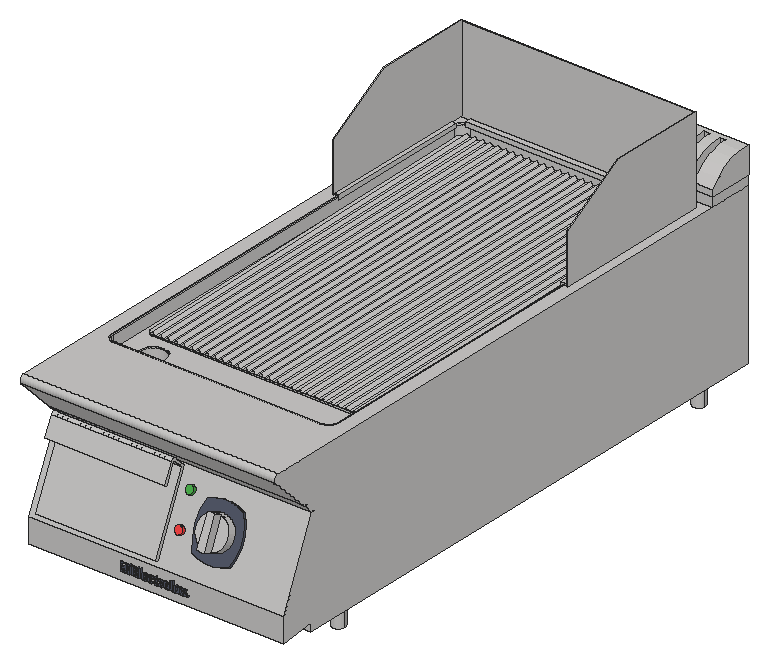
Revit family "QF_ELECTROLUXPROFESSIONAL_391395_E9IILIAOMCA", category Specialty Equipment, Revit 2018 (continued)
Automatic sketch dimensions
  Extrusion 22 sketch curve to Extrusion 22 sketch curve = 0.332 mm
  Extrusion 22 sketch curve to Extrusion 22 sketch curve = 1.087 mm
  Extrusion 22 sketch curve to Extrusion 22 sketch curve = 2.23 mm
  Extrusion 22 sketch curve to Extrusion 22 sketch curve = 2.757 mm
  Extrusion 22 sketch curve to Extrusion 22 sketch curve = 0.987 mm
  Extrusion 22 sketch curve to Extrusion 22 sketch curve = 1.529 mm
  Extrusion 22 sketch curve to Extrusion 22 sketch curve = 1.796 mm
  Extrusion 22 sketch curve to Extrusion 22 sketch curve = 2.859 mm
  Extrusion 22 sketch curve to Extrusion 22 sketch curve = 0.853 mm
  Extrusion 22 sketch curve to Extrusion 22 sketch curve = 1.241 mm
  Extrusion 22 sketch curve to Extrusion 22 sketch curve = 2.046 mm  (x2)
  Extrusion 22 sketch curve to Extrusion 22 sketch curve = 2.422 mm
  Extrusion 22 sketch curve to Extrusion 22 sketch curve = 0.27 mm  (x2)
  Extrusion 22 sketch curve to Extrusion 22 sketch curve = 0.69 mm
  Extrusion 22 sketch curve to Extrusion 22 sketch curve = 0.781 mm  (x2)
  Extrusion 22 sketch curve to Extrusion 22 sketch curve = 3.136 mm
  Extrusion 22 sketch curve to Extrusion 22 sketch curve = 1.767 mm
  Extrusion 22 sketch curve to Extrusion 22 sketch curve = 0.138 mm
  Extrusion 22 sketch curve to Extrusion 22 sketch curve = 0.777 mm
  Extrusion 22 sketch curve to Extrusion 22 sketch curve = 1.19 mm
  Extrusion 22 sketch curve to Extrusion 22 sketch curve = 0.782 mm
  Extrusion 22 sketch curve to Extrusion 22 sketch curve = 1.268 mm
  Extrusion 22 sketch curve to Extrusion 22 sketch curve = 0.422 mm  (x2)
  Extrusion 22 sketch curve to Extrusion 22 sketch curve = 1.559 mm
  Extrusion 22 sketch curve to Extrusion 22 sketch curve = 3.927 mm
  Extrusion 22 sketch curve to Extrusion 22 sketch curve = 0.983 mm
  Extrusion 22 sketch curve to Extrusion 22 sketch curve = 1.134 mm
  plane 7 "Center Y" to Extrusion 22 sketch curve = 1.016 mm
  Extrusion 22 sketch curve to Extrusion 22 sketch curve = 1.501 mm
  Extrusion 22 sketch curve to Extrusion 22 sketch curve = 1.808 mm
  Extrusion 22 sketch curve to Extrusion 22 sketch curve = 0.643 mm
  Extrusion 22 sketch curve to Extrusion 22 sketch curve = 0.916 mm
  Extrusion 22 sketch curve to Extrusion 22 sketch curve = 0.352 mm
  Extrusion 22 sketch curve to Extrusion 22 sketch curve = 0.458 mm
  Extrusion 22 sketch curve to Extrusion 22 sketch curve = 1.282 mm
  Extrusion 22 sketch curve to Extrusion 22 sketch curve = 1.363 mm
  Extrusion 22 sketch curve to Extrusion 22 sketch curve = 0.685 mm
  Extrusion 22 sketch curve to Extrusion 22 sketch curve = 0.905 mm
  Extrusion 22 sketch curve to Extrusion 22 sketch curve = 2.865 mm
  Extrusion 22 sketch curve to Extrusion 22 sketch curve = 0.472 mm
  Extrusion 22 sketch curve to Extrusion 22 sketch curve = 0.101 mm
  Extrusion 22 sketch curve to Extrusion 22 sketch curve = 0.54 mm
  Extrusion 22 sketch curve to Extrusion 22 sketch curve = 0.02 mm
  Extrusion 22 sketch curve to Extrusion 22 sketch curve = 0.468 mm
  Extrusion 22 sketch curve to Extrusion 22 sketch curve = 0.829 mm
  Extrusion 22 sketch curve to Extrusion 22 sketch curve = 0.582 mm
  Extrusion 22 sketch curve to Extrusion 22 sketch curve = 0.166 mm
  Extrusion 22 sketch curve to Extrusion 22 sketch curve = 0.16 mm
  Extrusion 22 sketch curve to Extrusion 22 sketch curve = 2.781 mm
  Extrusion 22 sketch curve to Extrusion 22 sketch curve = 1.118 mm
  Extrusion 22 sketch curve to Extrusion 22 sketch curve = 0.613 mm
  Extrusion 22 sketch curve to Extrusion 22 sketch curve = 0.361 mm
  Extrusion 22 sketch curve to Extrusion 22 sketch curve = 0.897 mm
  Extrusion 22 sketch curve to Extrusion 22 sketch curve = 0.167 mm
  Extrusion 22 sketch curve to Extrusion 22 sketch curve = 0.292 mm
  Extrusion 22 sketch curve to Extrusion 22 sketch curve = 0.305 mm
  Extrusion 22 sketch curve to Extrusion 22 sketch curve = 1.557 mm
  Extrusion 22 sketch curve to Extrusion 22 sketch curve = 2.499 mm
  Extrusion 22 sketch curve to Extrusion 22 sketch curve = 3.062 mm
  Extrusion 22 sketch curve to Extrusion 22 sketch curve = 2.968 mm
  Extrusion 22 sketch curve to Extrusion 22 sketch curve = 5.044 mm
  Extrusion 22 sketch curve to Extrusion 22 sketch curve = 0.629 mm  (x2)
  Extrusion 22 sketch curve to Extrusion 22 sketch curve = 1.131 mm
  Extrusion 22 sketch curve to Extrusion 22 sketch curve = 0.137 mm
  Extrusion 22 sketch curve to Extrusion 22 sketch curve = 0.027 mm
  Extrusion 22 sketch curve to Extrusion 22 sketch curve = 2.235 mm
  plane 7 "Center Y" to Extrusion 23 sketch curve = 20.046 mm
  plane 7 "Center Y" to Extrusion 24 sketch curve = 20.046 mm
  Sweep 25 sketch curve to profile plane = 0 mm  (x27)
  profile plane to Sweep 25 sketch curve = 3.736 mm  (x27)
  profile plane to Sweep 25 sketch curve = 435.969 mm
  Sweep 25 sketch curve to Sweep 25 sketch curve = 3.877 mm  (x54)
  Sweep 25 sketch curve to Sweep 25 sketch curve = 4.381 mm  (x26)
  Sweep 25 sketch curve to plane 15 = 0.05 mm
  Sweep 25 sketch curve to plane 6 "TOP" = 9.783 mm
  Sweep 25 sketch curve to plane 6 "TOP" = 18 mm
  plane 1 "BACK" to Sweep 25 sketch curve = 105.406 mm
  Extrusion 26 sketch curve to plane 15 = 0 mm
  Extrusion 26 sketch curve to plane 6 "TOP" = 20 mm
  plane 1 "BACK" to Extrusion 26 sketch curve = 105.406 mm
  Extrusion 26 sketch curve to Extrusion 26 sketch curve = 1.999 mm
  Extrusion 26 sketch curve to plane 6 "TOP" = 9.783 mm
  plane 15 to Extrusion 27 sketch curve = 0 mm  (x4)
  Extrusion 27 sketch curve to plane 15 = 10 mm  (x2)
  plane 13 to Extrusion 27 sketch curve = 21.03 mm  (x2)
  Extrusion 27 sketch curve to Extrusion 27 sketch curve = 0 mm  (x12)
  Extrusion 27 sketch curve to Extrusion 27 sketch curve = 10 mm  (x4)
  plane 14 to Extrusion 27 sketch curve = 31.03 mm  (x2)
  plane 1 "BACK" to Extrusion 27 sketch curve = 115.406 mm  (x2)
  Extrusion 5 sketch curve to Extrusion 1 = 0 mm  (x3)
  Extrusion 1 to Extrusion 5 sketch curve = 69.85 mm
  Extrusion 1 to Extrusion 6 sketch curve = 17.03 mm  (x2)
  Extrusion 1 to Extrusion 6 sketch curve = 83.39 mm
  Extrusion 6 sketch curve to Extrusion 6 sketch curve = 1.588 mm
  Extrusion 1 to Extrusion 7 sketch curve = 37.03 mm
  Extrusion 1 to Extrusion 7 sketch curve = 92.539 mm
  Extrusion 7 sketch curve to Extrusion 7 sketch curve = 15 mm  (x3)
  Extrusion 1 to Extrusion 7 sketch curve = 145.147 mm  (x2)
  Extrusion 1 to Extrusion 7 sketch curve = 22.03 mm
  Extrusion 11 sketch curve to Extrusion 1 = 274.774 mm
  plane 5 "FRONT" to Extrusion 12 sketch curve = 0 mm  (x2)
  Extrusion 12 sketch curve to plane 3 "LEFT" = 0 mm
  Extrusion 12 sketch curve to plane 4 "RIGHT" = 0 mm
  plane 1 "BACK" to Extrusion 12 sketch curve = 0 mm
  Extrusion 12 sketch curve to plane 3 "LEFT" = 100 mm
  Extrusion 12 sketch curve to plane 4 "RIGHT" = 100 mm
  Extrusion 12 sketch curve to plane 1 "BACK" = 100 mm
  curve 9 to plane 3 "LEFT" = 0 mm
  curve 4 to plane 13 = 0 mm
  plane 15 to curve 17 = 0 mm
  plane 15 to curve 96 = 0 mm
  curve 109 to plane 7 "Center Y" = 0 mm
  curve 125 to plane 7 "Center Y" = 0 mm
  plane 15 to curve 122 = 0 mm
  plane 1 "BACK" to curve 8 = 0 mm
  curve 8 to plane 4 "RIGHT" = 0 mm
  curve 124 to plane 9 = 0 mm
  plane 5 "FRONT" to curve 124 = 0 mm
  plane 5 "FRONT" to curve 3 = 0 mm
  plane 5 "FRONT" to curve 1 = 0 mm
  plane 13 to curve 26 = 4.442 mm
  plane 13 to curve 12 = 11.03 mm
  curve 36 to curve 13 = 6.721 mm
  curve 12 to curve 32 = 3.484 mm
  plane 13 to curve 39 = 18.703 mm
  plane 13 to curve 18 = 21.03 mm
  curve 32 to curve 29 = 6.516 mm
  curve 20 to curve 13 = 5 mm
  curve 11 to curve 11 = 15 mm
  curve 39 to curve 37 = 9.296 mm
  curve 13 to curve 21 = 5 mm
  curve 18 to curve 17 = 10 mm
  curve 21 to curve 96 = 0.222 mm
  curve 11 to curve 94 = 14.849 mm
  curve 96 to curve 97 = 12.135 mm
  plane 1 "BACK" to curve 42 = 6.761 mm
  curve 37 to curve 42 = 16.193 mm
  curve 41 to curve 42 = 9.296 mm
  curve 97 to curve 98 = 12.135 mm
  curve 94 to curve 94 = 20 mm
  curve 98 to curve 99 = 12.135 mm
  plane 1 "BACK" to curve 48 = 6.761 mm
  curve 42 to curve 48 = 16.193 mm
  curve 47 to curve 48 = 9.296 mm
  curve 99 to curve 100 = 12.135 mm
  curve 100 to curve 101 = 12.135 mm
  plane 1 "BACK" to curve 52 = 6.761 mm
  curve 45 to curve 52 = 16.193 mm
  curve 101 to curve 102 = 12.135 mm
  curve 50 to curve 50 = 9.296 mm
  curve 102 to curve 103 = 12.135 mm
  curve 49 to curve 54 = 16.193 mm
  curve 103 to curve 104 = 12.135 mm
  curve 55 to curve 53 = 9.296 mm
  curve 104 to curve 105 = 12.135 mm
  plane 1 "BACK" to curve 60 = 6.761 mm
  curve 53 to curve 60 = 16.193 mm
  curve 105 to curve 106 = 12.135 mm
  curve 59 to curve 60 = 9.296 mm
  curve 106 to curve 107 = 12.135 mm
  plane 1 "BACK" to curve 64 = 6.761 mm
  curve 57 to curve 64 = 16.193 mm
  curve 107 to curve 108 = 12.135 mm
  curve 61 to plane 7 "Center Y" = 8.071 mm
  plane 7 "Center Y" to curve 65 = 8.121 mm
  plane 7 "Center Y" to curve 110 = 12.135 mm
  curve 65 to curve 67 = 9.296 mm
  curve 110 to curve 111 = 12.135 mm
  curve 67 to curve 90 = 16.143 mm
  curve 111 to curve 112 = 12.135 mm
  curve 90 to curve 93 = 9.296 mm
  curve 112 to curve 113 = 12.135 mm
  curve 91 to curve 86 = 16.193 mm
  curve 113 to curve 114 = 12.135 mm
  curve 86 to curve 89 = 9.296 mm
  curve 114 to curve 115 = 12.135 mm
  curve 87 to curve 82 = 16.193 mm
  curve 115 to curve 116 = 12.135 mm
  curve 82 to curve 84 = 9.296 mm
  curve 116 to curve 117 = 12.135 mm
  curve 117 to curve 118 = 12.135 mm
  curve 83 to curve 78 = 16.193 mm
  curve 78 to curve 79 = 9.296 mm
  curve 118 to curve 119 = 12.135 mm
  curve 119 to curve 120 = 12.135 mm
  plane 1 "BACK" to curve 76 = 6.761 mm
  curve 80 to curve 76 = 16.193 mm
  curve 75 to curve 75 = 9.296 mm
  curve 120 to curve 121 = 12.135 mm
  curve 121 to curve 122 = 12.135 mm
  curve 122 to curve 24 = 0.222 mm
  curve 122 to curve 22 = 0.222 mm
  plane 1 "BACK" to curve 73 = 6.761 mm
  curve 74 to curve 73 = 16.193 mm
  plane 14 to curve 16 = 26.03 mm
  curve 22 to curve 14 = 5 mm
  curve 70 to curve 28 = 6.969 mm
  curve 24 to curve 23 = 10 mm
  curve 70 to curve 72 = 9.296 mm
  curve 14 to curve 34 = 11.516 mm
  curve 31 to curve 14 = 3.351 mm
  curve 34 to curve 15 = 3.484 mm
  plane 14 to curve 31 = 4.442 mm
  plane 15 to curve 11 = 70 mm
  curve 11 to curve 95 = 18.803 mm
  plane 8 "Center X" to curve 32 = 129.61 mm
  plane 8 "Center X" to curve 15 = 129.61 mm
  curve 20 to curve 41 = 108.645 mm
  curve 14 to curve 22 = 2.133 mm
  curve 13 to curve 21 = 2.133 mm
  curve 13 to curve 36 = 1.998 mm
  curve 14 to curve 34 = 1.998 mm
  curve 96 to curve 21 = 0.05 mm
  curve 122 to curve 21 = 0 mm
  curve 69 to curve 14 = 2.318 mm
  curve 14 to curve 69 = 10.007 mm
  curve 110 to curve 65 = 41.495 mm
  curve 62 to curve 65 = 0 mm
  curve 28 to curve 70 = 19.479 mm
  curve 59 to curve 62 = 0 mm
  curve 74 to curve 70 = 0 mm
  curve 55 to curve 58 = 0 mm
  curve 78 to curve 76 = 0 mm
  curve 51 to curve 54 = 0 mm
  curve 47 to curve 50 = 0 mm
  curve 82 to curve 78 = 0 mm
  curve 44 to curve 46 = 0 mm
  curve 86 to curve 82 = 0 mm
  curve 30 to curve 39 = 19.479 mm
  curve 67 to curve 90 = 0 mm
  plane 1 "BACK" to curve 93 = 6.761 mm
  plane 1 "BACK" to curve 89 = 6.761 mm
  plane 1 "BACK" to curve 85 = 6.761 mm
  plane 1 "BACK" to curve 81 = 6.761 mm
  plane 1 "BACK" to curve 67 = 6.761 mm
  plane 1 "BACK" to curve 56 = 6.761 mm
  plane 1 "BACK" to curve 40 = 6.761 mm
  radius of Extrusion 2 sketch curve = 9.525 mm  (x4)
  radius of Extrusion 16 sketch curve = 20 mm
  radius of Extrusion 20 sketch curve = 25.4 mm
  radius of Extrusion 21 sketch curve to Extrusion 20 = 0 mm  (x2)
  radius of Extrusion 23 sketch curve = 6.35 mm
  radius of Extrusion 24 sketch curve = 6.35 mm
  radius of Extrusion 11 sketch curve = 6.35 mm
Connectors
  electrical at (340, -585, 19), driven by "Volts", driven by "Watts"
    settings: on Extrusion 11, index 1, voltage 230 V, apparent load 0 VA, apparent load phase1 0 VA, apparent load phase2 0 VA, apparent load phase3 0 VA, power factor 1, load classification "Other", number of poles 1, system type 30, power factor state 1, is connector primary yes, connector utility no, sub classification motor no, connector description "ELECTRICAL CONNECTION"
